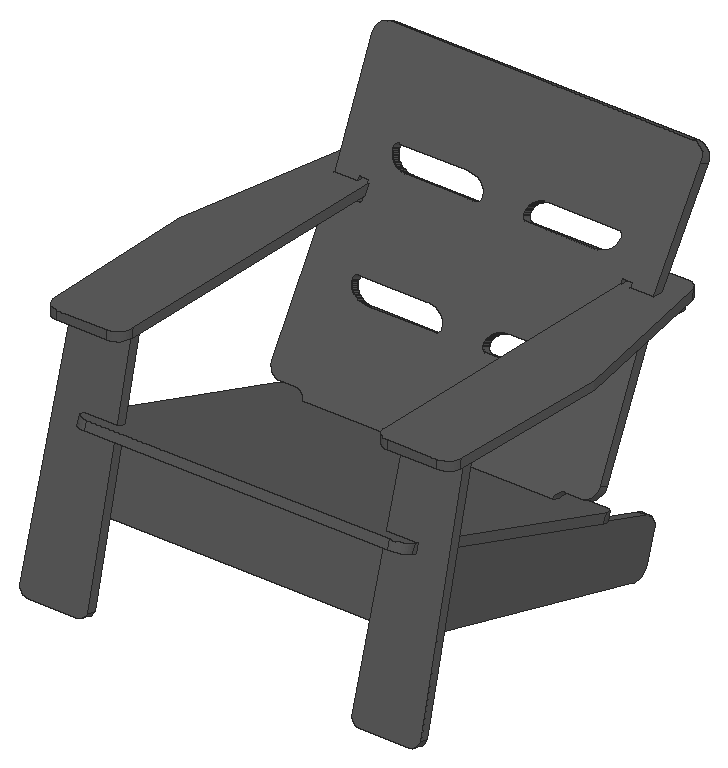
Revit family "Lollygagger Cabrio", category Furniture, Revit 2016
Family settings
  OmniClass Number = 23.40.20.00
  OmniClass Title = General Furniture and Specialties
  Work Plane-Based = No
  Always vertical = Yes
  Cut with Voids When Loaded = No
  Shared = No
  Room Calculation Point = No
Parameters (values of type "Loll-Black")
  Width = 2' - 5 25/32"  # constant formula
  URL = "https://lolldesigns.com/"
  Type Image = cabrio.jpg
  Thick = 0' - 0 5/8"  # constant formula
  Model = ""
  Manufacturer = "Loll"  # constant formula
  Length = 2' - 6 1/4"  # constant formula
  Height Top = 1' - 5 21/32"  # constant formula
  Finish Material = Loll-Black
  Apron = 0' - 10 31/32"  # constant formula
Reference planes (in)
  plane 1 "Center Front/Back": y = 0
  plane 2: z = 0
  plane 3 "Center Left/Right": x = 0
  plane 4: z = 17.65625
  plane 5: z = 17.03125
  plane 6: y = 14.89063
  plane 7: y = -14.89062
  plane 8: z = 6.0625
  plane 9: x = -15.125
  plane 10: x = 15.125
  plane 11: y = 11.86816
  plane 12: y = -11.86841
  plane 13: x = 11.75
  plane 14: x = 11.125
  plane 15: x = -11.75
  plane 16: x = -11.125
  plane 17: x = -9.51419
  plane 18: x = 9.51419
  plane 19: through (-60.54339, -175.85464, 64.74168) normal (0, 0.309, 0.9511)
  plane 20: through (-60.54339, -175.96465, 64.12026) normal (0, 0.309, 0.9511)
  plane 21: through (0, 16.84989, 30.41768) normal (0, -0.8829, 0.4695)
  plane 22: through (0, 17.46341, 30.24027) normal (0, -0.8829, 0.4695)
Forms (in)
  Extrusion 1, solid, material "Loll-Black" <- "Finish Material"
    sketch origin (12, -11.96569, 8.6494) x (0, 0.258819, 0.965926) y (1, 0, 0)
      loop
        line (8.88502, -2.18909) -> (8.88502, 2.18909)
        arc (8.88502, 2.18909) -> (0.24729, 2.13347) -> (-8.3839, 2.47431) r 188.17546
        arc (-8.3839, 2.47431) -> (-8.81442, 2.19999) -> (-8.982, 1.7178) r 0.77749
        line (-8.982, 1.7178) -> (-8.982, -1.70684)
        arc (-8.982, -1.70684) -> (-8.85761, -2.15852) -> (-8.5195, -2.48283) r 0.88224
        arc (-8.5195, -2.48283) -> (0.17936, -2.13461) -> (8.88502, -2.18909) r 188.17546
    from 0 to -0.625
  Extrusion 2, solid, material "Loll-Black" <- "Finish Material"
    sketch origin (11.88204, -0.19742, 17.65695) x (1, 0, 0) y (0, 1, 0)
      loop
        arc (-2.73794, 11.81266) -> (-2.31954, 0.38579) -> (-2.73794, -11.04107) r 156.25
        arc (-2.73794, -11.04107) -> (-2.47312, -11.79497) -> (-1.74062, -12.11421) r 1
        line (-1.74062, -12.11421) -> (1.85192, -12.11421)
        arc (1.85192, -12.11421) -> (2.51292, -11.86459) -> (2.84393, -11.24037) r 1
        arc (2.84393, -11.24037) -> (3.10461, 0.56754) -> (0.91136, 12.17291) r 56.65251
        arc (0.91136, 12.17291) -> (0.55049, 12.68801) -> (-0.04654, 12.88579) r 1
        line (-0.04654, 12.88579) -> (-1.74062, 12.88579)
        arc (-1.74062, 12.88579) -> (-2.47312, 12.56655) -> (-2.73794, 11.81266) r 1
      loop
        line (-0.34642, 10.13346) -> (-0.34642, 10.91413) -> (-2.03048, 10.91413) -> (-2.03048, 10.13346) -> (-0.34642, 10.13346)
    from -0.625 to 0
  Extrusion 3, solid, material "Loll-Black" <- "Finish Material"
    sketch origin (-11.88204, -0.19742, 17.65695) x (-1, 0, 0) y (0, -1, 0)
      loop
        arc (-2.73794, -11.81266) -> (-2.47312, -12.56655) -> (-1.74062, -12.88579) r 1
        line (-1.74062, -12.88579) -> (-0.04654, -12.88579)
        arc (-0.04654, -12.88579) -> (0.55049, -12.68801) -> (0.91136, -12.17291) r 1
        arc (0.91136, -12.17291) -> (3.10461, -0.56754) -> (2.84393, 11.24037) r 56.65251
        arc (2.84393, 11.24037) -> (2.51292, 11.86459) -> (1.85192, 12.11421) r 1
        line (1.85192, 12.11421) -> (-1.74062, 12.11421)
        arc (-1.74062, 12.11421) -> (-2.47312, 11.79497) -> (-2.73794, 11.04107) r 1
        arc (-2.73794, 11.04107) -> (-2.31954, -0.38579) -> (-2.73794, -11.81266) r 156.25
      loop
        line (-0.34642, -10.13346) -> (-2.03048, -10.13346) -> (-2.03048, -10.91413) -> (-0.34642, -10.91413) -> (-0.34642, -10.13346)
    from -0.625 to 0
  Extrusion 4, solid, material "Loll-Black" <- "Finish Material"
    sketch origin (-12, -11.96569, 8.6494) x (0, 0.258819, 0.965926) y (1, 0, 0)
      loop
        arc (8.88502, 2.18909) -> (0.17936, 2.13461) -> (-8.5195, 2.48283) r 188.17546
        arc (-8.5195, 2.48283) -> (-8.85761, 2.15852) -> (-8.982, 1.70684) r 0.88224
        line (-8.982, 1.70684) -> (-8.982, -1.7178)
        arc (-8.982, -1.7178) -> (-8.81442, -2.19999) -> (-8.3839, -2.47431) r 0.77749
        arc (-8.3839, -2.47431) -> (0.24729, -2.13347) -> (8.88502, -2.18909) r 188.17546
        line (8.88502, -2.18909) -> (8.88502, 2.18909)
    from 0 to -0.625
  Extrusion 5, solid, material "Loll-Black" <- "Finish Material"
    sketch origin (0, 9.17883, 14.65925) x (0, 0.469472, 0.882948) y (1, 0, 0)
      loop
        arc (12.1587, 10.90968) -> (11.83626, 11.64514) -> (11.0769, 11.90633) r 1
        arc (11.0769, 11.90633) -> (6.88408, 11.63525) -> (2.68439, 11.5096) r 121.25
        line (2.68439, 11.5096) -> (2.68439, 9.86719) -> (3.2985, 9.86719) -> (3.2985, 9.19031) -> (1.88703, 9.19031) -> (1.88703, 11.37674)
        arc (1.88703, 11.37674) -> (1.85019, 11.46535) -> (1.7614, 11.50174) r 0.125
        arc (1.7614, 11.50174) -> (-3.19274, 11.57813) -> (-8.13961, 11.85705) r 121.14008
        arc (-8.13961, 11.85705) -> (-8.89575, 11.59372) -> (-9.2163, 10.85999) r 1
        line (-9.2163, 10.85999) -> (-9.2163, 9.75)
        arc (-9.2163, 9.75) -> (-9.43597, 9.21967) -> (-9.9663, 9) r 0.75
        line (-9.9663, 9) -> (-12.9663, 9)
        arc (-12.9663, 9) -> (-13.14308, 8.92678) -> (-13.2163, 8.75) r 0.25
        line (-13.2163, 8.75) -> (-13.2163, -8.75)
        arc (-13.2163, -8.75) -> (-13.14308, -8.92678) -> (-12.9663, -9) r 0.25
        line (-12.9663, -9) -> (-9.9663, -9)
        arc (-9.9663, -9) -> (-9.43597, -9.21967) -> (-9.2163, -9.75) r 0.75
        line (-9.2163, -9.75) -> (-9.2163, -10.85999)
        arc (-9.2163, -10.85999) -> (-8.89575, -11.59372) -> (-8.13961, -11.85705) r 1
        arc (-8.13961, -11.85705) -> (-3.19274, -11.57813) -> (1.7614, -11.50174) r 121.14008
        arc (1.7614, -11.50174) -> (1.85019, -11.46535) -> (1.88703, -11.37674) r 0.125
        line (1.88703, -11.37674) -> (1.88703, -9.19031) -> (3.2985, -9.19031) -> (3.2985, -9.86719) -> (2.68439, -9.86719) -> (2.68439, -11.5096)
        arc (2.68439, -11.5096) -> (6.88408, -11.63525) -> (11.0769, -11.90633) r 121.25
        arc (11.0769, -11.90633) -> (11.83626, -11.64514) -> (12.1587, -10.90968) r 1
        line (12.1587, -10.90968) -> (12.1587, 10.90968)
      loop
        line (5.84619, -7.92498) -> (5.84619, -2.99992)
        arc (5.84619, -2.99992) -> (5.84538, -2.94303) -> (5.84296, -2.88618) r 1.99874
        arc (5.84296, -2.88618) -> (5.8389, -2.82944) -> (5.83323, -2.77284) r 1.98049
        arc (5.83323, -2.77284) -> (5.82592, -2.7165) -> (5.81698, -2.66039) r 1.95233
        arc (5.81698, -2.66039) -> (5.80642, -2.60466) -> (5.79421, -2.54927) r 1.91009
        arc (5.79421, -2.54927) -> (5.78037, -2.4944) -> (5.76486, -2.43998) r 1.85302
        arc (5.76486, -2.43998) -> (5.74773, -2.38627) -> (5.72892, -2.33313) r 1.78337
        arc (5.72892, -2.33313) -> (5.7085, -2.28088) -> (5.68637, -2.22933) r 1.70387
        arc (5.68637, -2.22933) -> (5.66265, -2.17883) -> (5.63721, -2.12918) r 1.61884
        arc (5.63721, -2.12918) -> (5.61018, -2.08074) -> (5.58141, -2.03331) r 1.52217
        arc (5.58141, -2.03331) -> (5.55108, -1.9873) -> (5.51901, -1.9425) r 1.43381
        arc (5.51901, -1.9425) -> (5.48549, -1.89937) -> (5.45024, -1.85764) r 1.34184
        arc (5.45024, -1.85764) -> (5.41364, -1.81783) -> (5.37534, -1.77965) r 1.24465
        arc (5.37534, -1.77965) -> (5.33576, -1.74358) -> (5.29453, -1.7094) r 1.14763
        arc (5.29453, -1.7094) -> (5.25213, -1.67757) -> (5.2082, -1.6479) r 1.06616
        arc (5.2082, -1.6479) -> (5.1633, -1.62078) -> (5.11705, -1.59603) r 1.00861
        arc (5.11705, -1.59603) -> (5.07004, -1.57402) -> (5.0219, -1.55461) r 0.94636
        arc (5.0219, -1.55461) -> (4.97315, -1.5381) -> (4.92353, -1.52444) r 0.88704
        arc (4.92353, -1.52444) -> (4.8735, -1.5138) -> (4.82292, -1.50614) r 0.86331
        arc (4.82292, -1.50614) -> (4.77215, -1.50153) -> (4.72119, -1.49998) r 0.84623
        line (4.72119, -1.49998) -> (4.67119, -1.49998)
        arc (4.67119, -1.49998) -> (4.44138, -1.59517) -> (4.34619, -1.82498) r 0.325
        line (4.34619, -1.82498) -> (4.34619, -6.75005)
        arc (4.34619, -6.75005) -> (4.347, -6.80694) -> (4.34943, -6.86379) r 1.99874
        arc (4.34943, -6.86379) -> (4.35348, -6.92053) -> (4.35916, -6.97713) r 1.98049
        arc (4.35916, -6.97713) -> (4.36647, -7.03347) -> (4.3754, -7.08958) r 1.95233
        arc (4.3754, -7.08958) -> (4.38597, -7.14531) -> (4.39818, -7.2007) r 1.91009
        arc (4.39818, -7.2007) -> (4.41202, -7.25557) -> (4.42753, -7.30999) r 1.85302
        arc (4.42753, -7.30999) -> (4.44466, -7.36369) -> (4.46347, -7.41683) r 1.78337
        arc (4.46347, -7.41683) -> (4.48389, -7.46908) -> (4.50602, -7.52064) r 1.70387
        arc (4.50602, -7.52064) -> (4.52973, -7.57113) -> (4.55518, -7.62079) r 1.61884
        arc (4.55518, -7.62079) -> (4.58221, -7.66923) -> (4.61098, -7.71666) r 1.52217
        arc (4.61098, -7.71666) -> (4.64131, -7.76267) -> (4.67338, -7.80747) r 1.43381
        arc (4.67338, -7.80747) -> (4.7069, -7.8506) -> (4.74215, -7.89232) r 1.34184
        arc (4.74215, -7.89232) -> (4.77875, -7.93214) -> (4.81705, -7.97032) r 1.24465
        arc (4.81705, -7.97032) -> (4.85663, -8.00639) -> (4.89785, -8.04057) r 1.14763
        arc (4.89785, -8.04057) -> (4.94026, -8.07239) -> (4.98419, -8.10207) r 1.06616
        arc (4.98419, -8.10207) -> (5.02909, -8.12919) -> (5.07534, -8.15394) r 1.00861
        arc (5.07534, -8.15394) -> (5.12235, -8.17595) -> (5.17049, -8.19535) r 0.94636
        arc (5.17049, -8.19535) -> (5.21924, -8.21187) -> (5.26886, -8.22552) r 0.88704
        arc (5.26886, -8.22552) -> (5.31889, -8.23617) -> (5.36947, -8.24383) r 0.86331
        arc (5.36947, -8.24383) -> (5.42024, -8.24844) -> (5.47119, -8.24998) r 0.84623
        line (5.47119, -8.24998) -> (5.52119, -8.24998)
        arc (5.52119, -8.24998) -> (5.751, -8.15479) -> (5.84619, -7.92498) r 0.325
      loop
        line (5.84619, 2.99994) -> (5.84619, 7.925)
        arc (5.84619, 7.925) -> (5.751, 8.15481) -> (5.52119, 8.25) r 0.325
        line (5.52119, 8.25) -> (5.47119, 8.25)
        arc (5.47119, 8.25) -> (5.42024, 8.24845) -> (5.36947, 8.24384) r 0.84623
        arc (5.36947, 8.24384) -> (5.31889, 8.23618) -> (5.26886, 8.22554) r 0.86331
        arc (5.26886, 8.22554) -> (5.21924, 8.21188) -> (5.17049, 8.19537) r 0.88704
        arc (5.17049, 8.19537) -> (5.12235, 8.17597) -> (5.07534, 8.15395) r 0.94636
        arc (5.07534, 8.15395) -> (5.02909, 8.1292) -> (4.98419, 8.10209) r 1.00861
        arc (4.98419, 8.10209) -> (4.94026, 8.07241) -> (4.89785, 8.04058) r 1.06616
        arc (4.89785, 8.04058) -> (4.85663, 8.0064) -> (4.81705, 7.97034) r 1.14763
        arc (4.81705, 7.97034) -> (4.77875, 7.93215) -> (4.74215, 7.89234) r 1.24465
        arc (4.74215, 7.89234) -> (4.7069, 7.85061) -> (4.67338, 7.80749) r 1.34184
        arc (4.67338, 7.80749) -> (4.64131, 7.76268) -> (4.61098, 7.71668) r 1.43381
        arc (4.61098, 7.71668) -> (4.58221, 7.66925) -> (4.55518, 7.6208) r 1.52217
        arc (4.55518, 7.6208) -> (4.52973, 7.57115) -> (4.50602, 7.52065) r 1.61884
        arc (4.50602, 7.52065) -> (4.48389, 7.4691) -> (4.46347, 7.41685) r 1.70387
        arc (4.46347, 7.41685) -> (4.44466, 7.36371) -> (4.42753, 7.31) r 1.78337
        arc (4.42753, 7.31) -> (4.41202, 7.25558) -> (4.39818, 7.20072) r 1.85302
        arc (4.39818, 7.20072) -> (4.38597, 7.14532) -> (4.3754, 7.08959) r 1.91009
        arc (4.3754, 7.08959) -> (4.36647, 7.03349) -> (4.35916, 6.97714) r 1.95233
        arc (4.35916, 6.97714) -> (4.35348, 6.92054) -> (4.34943, 6.8638) r 1.98049
        arc (4.34943, 6.8638) -> (4.347, 6.80696) -> (4.34619, 6.75006) r 1.99874
        line (4.34619, 6.75006) -> (4.34619, 1.825)
        arc (4.34619, 1.825) -> (4.44138, 1.59519) -> (4.67119, 1.5) r 0.325
        line (4.67119, 1.5) -> (4.72119, 1.5)
        arc (4.72119, 1.5) -> (4.77215, 1.50155) -> (4.82292, 1.50616) r 0.84623
        arc (4.82292, 1.50616) -> (4.8735, 1.51382) -> (4.92353, 1.52446) r 0.86331
        arc (4.92353, 1.52446) -> (4.97315, 1.53812) -> (5.0219, 1.55463) r 0.88704
        arc (5.0219, 1.55463) -> (5.07004, 1.57403) -> (5.11705, 1.59605) r 0.94636
        arc (5.11705, 1.59605) -> (5.1633, 1.6208) -> (5.2082, 1.64791) r 1.00861
        arc (5.2082, 1.64791) -> (5.25213, 1.67759) -> (5.29453, 1.70942) r 1.06616
        arc (5.29453, 1.70942) -> (5.33576, 1.7436) -> (5.37534, 1.77966) r 1.14763
        arc (5.37534, 1.77966) -> (5.41364, 1.81785) -> (5.45024, 1.85766) r 1.24465
        arc (5.45024, 1.85766) -> (5.48549, 1.89939) -> (5.51901, 1.94251) r 1.34184
        arc (5.51901, 1.94251) -> (5.55108, 1.98732) -> (5.58141, 2.03332) r 1.43381
        arc (5.58141, 2.03332) -> (5.61018, 2.08075) -> (5.63721, 2.1292) r 1.52217
        arc (5.63721, 2.1292) -> (5.66265, 2.17885) -> (5.68637, 2.22935) r 1.61884
        arc (5.68637, 2.22935) -> (5.7085, 2.2809) -> (5.72892, 2.33315) r 1.70387
        arc (5.72892, 2.33315) -> (5.74773, 2.38629) -> (5.76486, 2.44) r 1.78337
        arc (5.76486, 2.44) -> (5.78037, 2.49442) -> (5.79421, 2.54929) r 1.85302
        arc (5.79421, 2.54929) -> (5.80642, 2.60468) -> (5.81698, 2.66041) r 1.91009
        arc (5.81698, 2.66041) -> (5.82592, 2.71651) -> (5.83323, 2.77286) r 1.95233
        arc (5.83323, 2.77286) -> (5.8389, 2.82946) -> (5.84296, 2.8862) r 1.98049
        arc (5.84296, 2.8862) -> (5.84538, 2.94305) -> (5.84619, 2.99994) r 1.99874
      loop
        line (-3.46631, -1.82498) -> (-3.46631, -6.75005)
        arc (-3.46631, -6.75005) -> (-3.4655, -6.80694) -> (-3.46307, -6.86379) r 1.99874
        arc (-3.46307, -6.86379) -> (-3.45902, -6.92053) -> (-3.45334, -6.97713) r 1.98049
        arc (-3.45334, -6.97713) -> (-3.44603, -7.03347) -> (-3.4371, -7.08958) r 1.95233
        arc (-3.4371, -7.08958) -> (-3.42653, -7.14531) -> (-3.41432, -7.2007) r 1.91009
        arc (-3.41432, -7.2007) -> (-3.40048, -7.25557) -> (-3.38497, -7.30999) r 1.85302
        arc (-3.38497, -7.30999) -> (-3.36784, -7.36369) -> (-3.34903, -7.41683) r 1.78337
        arc (-3.34903, -7.41683) -> (-3.32861, -7.46908) -> (-3.30648, -7.52064) r 1.70387
        arc (-3.30648, -7.52064) -> (-3.28277, -7.57113) -> (-3.25732, -7.62079) r 1.61884
        arc (-3.25732, -7.62079) -> (-3.23029, -7.66923) -> (-3.20152, -7.71666) r 1.52217
        arc (-3.20152, -7.71666) -> (-3.17119, -7.76267) -> (-3.13912, -7.80747) r 1.43381
        arc (-3.13912, -7.80747) -> (-3.1056, -7.8506) -> (-3.07035, -7.89232) r 1.34184
        arc (-3.07035, -7.89232) -> (-3.03375, -7.93214) -> (-2.99545, -7.97032) r 1.24465
        arc (-2.99545, -7.97032) -> (-2.95587, -8.00639) -> (-2.91465, -8.04057) r 1.14763
        arc (-2.91465, -8.04057) -> (-2.87224, -8.07239) -> (-2.82831, -8.10207) r 1.06616
        arc (-2.82831, -8.10207) -> (-2.78341, -8.12919) -> (-2.73716, -8.15394) r 1.00861
        arc (-2.73716, -8.15394) -> (-2.69015, -8.17595) -> (-2.64201, -8.19535) r 0.94636
        arc (-2.64201, -8.19535) -> (-2.59326, -8.21187) -> (-2.54364, -8.22552) r 0.88704
        arc (-2.54364, -8.22552) -> (-2.49361, -8.23617) -> (-2.44303, -8.24383) r 0.86331
        arc (-2.44303, -8.24383) -> (-2.39226, -8.24844) -> (-2.34131, -8.24998) r 0.84623
        line (-2.34131, -8.24998) -> (-2.29131, -8.24998)
        arc (-2.29131, -8.24998) -> (-2.0615, -8.15479) -> (-1.96631, -7.92498) r 0.325
        line (-1.96631, -7.92498) -> (-1.96631, -2.99992)
        arc (-1.96631, -2.99992) -> (-1.96712, -2.94303) -> (-1.96954, -2.88618) r 1.99874
        arc (-1.96954, -2.88618) -> (-1.9736, -2.82944) -> (-1.97927, -2.77284) r 1.98049
        arc (-1.97927, -2.77284) -> (-1.98658, -2.7165) -> (-1.99552, -2.66039) r 1.95233
        arc (-1.99552, -2.66039) -> (-2.00608, -2.60466) -> (-2.01829, -2.54927) r 1.91009
        arc (-2.01829, -2.54927) -> (-2.03213, -2.4944) -> (-2.04764, -2.43998) r 1.85302
        arc (-2.04764, -2.43998) -> (-2.06477, -2.38627) -> (-2.08358, -2.33313) r 1.78337
        arc (-2.08358, -2.33313) -> (-2.104, -2.28088) -> (-2.12613, -2.22933) r 1.70387
        arc (-2.12613, -2.22933) -> (-2.14985, -2.17883) -> (-2.17529, -2.12918) r 1.61884
        arc (-2.17529, -2.12918) -> (-2.20232, -2.08074) -> (-2.23109, -2.03331) r 1.52217
        arc (-2.23109, -2.03331) -> (-2.26142, -1.9873) -> (-2.29349, -1.9425) r 1.43381
        arc (-2.29349, -1.9425) -> (-2.32701, -1.89937) -> (-2.36226, -1.85764) r 1.34184
        arc (-2.36226, -1.85764) -> (-2.39886, -1.81783) -> (-2.43716, -1.77965) r 1.24465
        arc (-2.43716, -1.77965) -> (-2.47674, -1.74358) -> (-2.51797, -1.7094) r 1.14763
        arc (-2.51797, -1.7094) -> (-2.56037, -1.67757) -> (-2.6043, -1.6479) r 1.06616
        arc (-2.6043, -1.6479) -> (-2.6492, -1.62078) -> (-2.69545, -1.59603) r 1.00861
        arc (-2.69545, -1.59603) -> (-2.74246, -1.57402) -> (-2.7906, -1.55461) r 0.94636
        arc (-2.7906, -1.55461) -> (-2.83935, -1.5381) -> (-2.88897, -1.52444) r 0.88704
        arc (-2.88897, -1.52444) -> (-2.939, -1.5138) -> (-2.98958, -1.50614) r 0.86331
        arc (-2.98958, -1.50614) -> (-3.04035, -1.50153) -> (-3.09131, -1.49998) r 0.84623
        line (-3.09131, -1.49998) -> (-3.14131, -1.49998)
        arc (-3.14131, -1.49998) -> (-3.37112, -1.59517) -> (-3.46631, -1.82498) r 0.325
      loop
        line (-1.96631, 2.99994) -> (-1.96631, 7.925)
        arc (-1.96631, 7.925) -> (-2.0615, 8.15481) -> (-2.29131, 8.25) r 0.325
        line (-2.29131, 8.25) -> (-2.34131, 8.25)
        arc (-2.34131, 8.25) -> (-2.39226, 8.24845) -> (-2.44303, 8.24384) r 0.84623
        arc (-2.44303, 8.24384) -> (-2.49361, 8.23618) -> (-2.54364, 8.22554) r 0.86331
        arc (-2.54364, 8.22554) -> (-2.59326, 8.21188) -> (-2.64201, 8.19537) r 0.88704
        arc (-2.64201, 8.19537) -> (-2.69015, 8.17597) -> (-2.73716, 8.15395) r 0.94636
        arc (-2.73716, 8.15395) -> (-2.78341, 8.1292) -> (-2.82831, 8.10209) r 1.00861
        arc (-2.82831, 8.10209) -> (-2.87224, 8.07241) -> (-2.91465, 8.04058) r 1.06616
        arc (-2.91465, 8.04058) -> (-2.95587, 8.0064) -> (-2.99545, 7.97034) r 1.14763
        arc (-2.99545, 7.97034) -> (-3.03375, 7.93215) -> (-3.07035, 7.89234) r 1.24465
        arc (-3.07035, 7.89234) -> (-3.1056, 7.85061) -> (-3.13912, 7.80749) r 1.34184
        arc (-3.13912, 7.80749) -> (-3.17119, 7.76268) -> (-3.20152, 7.71668) r 1.43381
        arc (-3.20152, 7.71668) -> (-3.23029, 7.66925) -> (-3.25732, 7.6208) r 1.52217
        arc (-3.25732, 7.6208) -> (-3.28277, 7.57115) -> (-3.30648, 7.52065) r 1.61884
        arc (-3.30648, 7.52065) -> (-3.32861, 7.4691) -> (-3.34903, 7.41685) r 1.70387
        arc (-3.34903, 7.41685) -> (-3.36784, 7.36371) -> (-3.38497, 7.31) r 1.78337
        arc (-3.38497, 7.31) -> (-3.40048, 7.25558) -> (-3.41432, 7.20072) r 1.85302
        arc (-3.41432, 7.20072) -> (-3.42653, 7.14532) -> (-3.4371, 7.08959) r 1.91009
        arc (-3.4371, 7.08959) -> (-3.44603, 7.03349) -> (-3.45334, 6.97714) r 1.95233
        arc (-3.45334, 6.97714) -> (-3.45902, 6.92054) -> (-3.46307, 6.8638) r 1.98049
        arc (-3.46307, 6.8638) -> (-3.4655, 6.80696) -> (-3.46631, 6.75006) r 1.99874
        line (-3.46631, 6.75006) -> (-3.46631, 1.825)
        arc (-3.46631, 1.825) -> (-3.37112, 1.59519) -> (-3.14131, 1.5) r 0.325
        line (-3.14131, 1.5) -> (-3.09131, 1.5)
        arc (-3.09131, 1.5) -> (-3.04035, 1.50155) -> (-2.98958, 1.50616) r 0.84623
        arc (-2.98958, 1.50616) -> (-2.939, 1.51382) -> (-2.88897, 1.52446) r 0.86331
        arc (-2.88897, 1.52446) -> (-2.83935, 1.53812) -> (-2.7906, 1.55463) r 0.88704
        arc (-2.7906, 1.55463) -> (-2.74246, 1.57403) -> (-2.69545, 1.59605) r 0.94636
        arc (-2.69545, 1.59605) -> (-2.6492, 1.6208) -> (-2.6043, 1.64791) r 1.00861
        arc (-2.6043, 1.64791) -> (-2.56037, 1.67759) -> (-2.51797, 1.70942) r 1.06616
        arc (-2.51797, 1.70942) -> (-2.47674, 1.7436) -> (-2.43716, 1.77966) r 1.14763
        arc (-2.43716, 1.77966) -> (-2.39886, 1.81785) -> (-2.36226, 1.85766) r 1.24465
        arc (-2.36226, 1.85766) -> (-2.32701, 1.89939) -> (-2.29349, 1.94251) r 1.34184
        arc (-2.29349, 1.94251) -> (-2.26142, 1.98732) -> (-2.23109, 2.03332) r 1.43381
        arc (-2.23109, 2.03332) -> (-2.20232, 2.08075) -> (-2.17529, 2.1292) r 1.52217
        arc (-2.17529, 2.1292) -> (-2.14985, 2.17885) -> (-2.12613, 2.22935) r 1.61884
        arc (-2.12613, 2.22935) -> (-2.104, 2.2809) -> (-2.08358, 2.33315) r 1.70387
        arc (-2.08358, 2.33315) -> (-2.06477, 2.38629) -> (-2.04764, 2.44) r 1.78337
        arc (-2.04764, 2.44) -> (-2.03213, 2.49442) -> (-2.01829, 2.54929) r 1.85302
        arc (-2.01829, 2.54929) -> (-2.00608, 2.60468) -> (-1.99552, 2.66041) r 1.91009
        arc (-1.99552, 2.66041) -> (-1.98658, 2.71651) -> (-1.97927, 2.77286) r 1.95233
        arc (-1.97927, 2.77286) -> (-1.9736, 2.82946) -> (-1.96954, 2.8862) r 1.98049
        arc (-1.96954, 2.8862) -> (-1.96712, 2.94305) -> (-1.96631, 2.99994) r 1.99874
      loop
        circle (-12.3413, -5) r 0.155
      loop
        circle (-12.3413, 5) r 0.155
    from -0.625 to 0
  Extrusion 6, solid, material "Loll-Black" <- "Finish Material"
    sketch origin (0, -4.34096, 8.35634) x (-1, 0, 0) y (0, 0.951057, -0.309017)
      loop
        arc (-10.94306, -9.39694) -> (0, -9.08514) -> (10.94306, -9.39694) r 192.1875
        arc (10.94306, -9.39694) -> (11.68668, -9.12552) -> (12, -8.39856) r 1
        line (12, -8.39856) -> (12, -8.11644) -> (10.12117, -8.11644)
        arc (10.12117, -8.11644) -> (9.93732, -8.04029) -> (9.86117, -7.85644) r 0.26
        line (9.86117, -7.85644) -> (9.86117, -7.70415)
        arc (9.86117, -7.70415) -> (9.93732, -7.5203) -> (10.12117, -7.44415) r 0.26
        line (10.12117, -7.44415) -> (10.96, -7.44415)
        arc (10.96, -7.44415) -> (11.04839, -7.40754) -> (11.085, -7.31915) r 0.125
        line (11.085, -7.31915) -> (11.085, -6.17915)
        arc (11.085, -6.17915) -> (11.16115, -5.9953) -> (11.345, -5.91915) r 0.26
        line (11.345, -5.91915) -> (11.875, -5.91915)
        arc (11.875, -5.91915) -> (11.96339, -5.88254) -> (12, -5.79415) r 0.125
        line (12, -5.79415) -> (12, 9.72828)
        arc (12, 9.72828) -> (11.68668, 10.45524) -> (10.94306, 10.72666) r 1
        arc (10.94306, 10.72666) -> (0, 10.41486) -> (-10.94306, 10.72666) r 192.1875
        arc (-10.94306, 10.72666) -> (-11.68668, 10.45524) -> (-12, 9.72828) r 1
        line (-12, 9.72828) -> (-12, -5.79415)
        arc (-12, -5.79415) -> (-11.96339, -5.88254) -> (-11.875, -5.91915) r 0.125
        line (-11.875, -5.91915) -> (-11.345, -5.91915)
        arc (-11.345, -5.91915) -> (-11.16115, -5.9953) -> (-11.085, -6.17915) r 0.26
        line (-11.085, -6.17915) -> (-11.085, -7.31915)
        arc (-11.085, -7.31915) -> (-11.04839, -7.40754) -> (-10.96, -7.44415) r 0.125
        line (-10.96, -7.44415) -> (-10.12117, -7.44415)
        arc (-10.12117, -7.44415) -> (-9.93732, -7.5203) -> (-9.86117, -7.70415) r 0.26
        line (-9.86117, -7.70415) -> (-9.86117, -7.85644)
        arc (-9.86117, -7.85644) -> (-9.93732, -8.04029) -> (-10.12117, -8.11644) r 0.26
        line (-10.12117, -8.11644) -> (-12, -8.11644) -> (-12, -8.39856)
        arc (-12, -8.39856) -> (-11.68668, -9.12552) -> (-10.94306, -9.39694) r 1
    from -0.625 to 0
  Extrusion 7, solid, material "Loll-Black" <- "Finish Material"
    sketch origin (-11.88204, -0.19742, 17.03195) x (0, -1, 0) y (-1, 0, 0)
      loop
        arc (-12.26109, -1.7458) -> (-12.04162, -2.2494) -> (-11.52332, -2.43146) r 0.6875
        arc (-11.52332, -2.43146) -> (-11.05389, -2.39775) -> (-10.58437, -2.36545) r 156.5625
        arc (-10.58437, -2.36545) -> (-9.21306, -0.89876) -> (-10.58437, 0.56792) r 1.47
        arc (-10.58437, 0.56792) -> (-11.05389, 0.60022) -> (-11.52332, 0.63393) r 156.5625
        arc (-11.52332, 0.63393) -> (-12.04162, 0.45187) -> (-12.26109, -0.05173) r 0.6875
        line (-12.26109, -0.05173) -> (-12.26109, -1.7458)
      loop
        circle (-11.32351, -0.89876) r 0.155
    from 0 to 0.625
  Extrusion 8, solid, material "Loll-Black" <- "Finish Material"
    sketch origin (10.08452, -0.19742, 17.03195) x (0, -1, 0) y (-1, 0, 0)
      loop
        arc (-12.26109, -1.7458) -> (-12.04162, -2.2494) -> (-11.52332, -2.43146) r 0.6875
        arc (-11.52332, -2.43146) -> (-11.05389, -2.39775) -> (-10.58437, -2.36545) r 156.5625
        arc (-10.58437, -2.36545) -> (-9.21306, -0.89876) -> (-10.58437, 0.56792) r 1.47
        arc (-10.58437, 0.56792) -> (-11.05389, 0.60022) -> (-11.52332, 0.63393) r 156.5625
        arc (-11.52332, 0.63393) -> (-12.04162, 0.45187) -> (-12.26109, -0.05173) r 0.6875
        line (-12.26109, -0.05173) -> (-12.26109, -1.7458)
      loop
        circle (-11.32351, -0.89876) r 0.155
    from 0 to 0.625
  Extrusion 9, solid, material "Loll-Black" <- "Finish Material"
    sketch origin (-12, -8.83377, 17.03195) x (0, 1, 0) y (-1, 0, 0)
      loop
        line (-1.0755, -1.375) -> (0.62418, -1.375)
        arc (0.62418, -1.375) -> (1.33129, -1.08211) -> (1.62418, -0.375) r 1
        line (1.62418, -0.375) -> (1.62418, 0.375)
        arc (1.62418, 0.375) -> (1.33129, 1.08211) -> (0.62418, 1.375) r 1
        line (0.62418, 1.375) -> (-1.0755, 1.375) -> (-1.0755, -1.375)
      loop
        circle (0.37418, 0.375) r 0.155
    from -0.625 to 0
  Extrusion 10, solid, material "Loll-Black" <- "Finish Material"
    sketch origin (-11.125, -3.40347, 6.94763) x (0, 0, 1) y (0, -1, 0)
      loop
        arc (-1.64988, 9.09007) -> (-3.79636, -1.18946) -> (-6.83074, -11.24274) r 120.35292
        arc (-6.83074, -11.24274) -> (-6.78105, -12.02098) -> (-6.18762, -12.52691) r 1
        line (-6.18762, -12.52691) -> (-4.21093, -13.15015)
        arc (-4.21093, -13.15015) -> (-3.45235, -13.08545) -> (-2.95917, -12.50545) r 1
        line (-2.95917, -12.50545) -> (3.17078, 6.3606)
        arc (3.17078, 6.3606) -> (3.294, 6.50875) -> (3.48535, 6.5314) r 0.26
        line (3.48535, 6.5314) -> (9.45932, 4.93068) -> (9.45932, 6.48359) -> (-1.55732, 9.43549) -> (-1.64988, 9.09007)
    from -0.625 to 0
  Extrusion 11, solid, material "Loll-Black" <- "Finish Material"
    sketch origin (13.6875, -3.40347, 6.94763) x (0, 0, 1) y (0, -1, 0)
      loop
        arc (-1.64988, 9.09007) -> (-3.79636, -1.18946) -> (-6.83074, -11.24274) r 120.35292
        arc (-6.83074, -11.24274) -> (-6.78105, -12.02098) -> (-6.18762, -12.52691) r 1
        line (-6.18762, -12.52691) -> (-4.21093, -13.15015)
        arc (-4.21093, -13.15015) -> (-3.45235, -13.08545) -> (-2.95917, -12.50545) r 1
        line (-2.95917, -12.50545) -> (3.17078, 6.3606)
        arc (3.17078, 6.3606) -> (3.294, 6.50875) -> (3.48535, 6.5314) r 0.26
        line (3.48535, 6.5314) -> (9.45932, 4.93068) -> (9.45932, 6.48359) -> (-1.55732, 9.43549) -> (-1.64988, 9.09007)
    from -2.5625 to -1.9375
  Extrusion 12, solid, material "Loll-Black" <- "Finish Material"
    sketch origin (12, -8.83377, 17.03195) x (0, 1, 0) y (-1, 0, 0)
      loop
        line (-1.0755, -1.375) -> (0.62418, -1.375)
        arc (0.62418, -1.375) -> (1.33129, -1.08211) -> (1.62418, -0.375) r 1
        line (1.62418, -0.375) -> (1.62418, 0.375)
        arc (1.62418, 0.375) -> (1.33129, 1.08211) -> (0.62418, 1.375) r 1
        line (0.62418, 1.375) -> (-1.0755, 1.375) -> (-1.0755, -1.375)
      loop
        circle (0.37418, -0.375) r 0.155
    from -0.625 to 0
  Extrusion 13, solid, material "Loll-Black" <- "Finish Material"
    sketch origin (0, 3.38494, 3.76252) x (0, 0.469472, 0.882948) y (-1, 0, 0)
      loop
        line (-1.75, 11.125) -> (-1.75, -11.125) -> (1.75, -11.125) -> (1.75, 11.125) -> (-1.75, 11.125)
    from -0.625 to 0
  Extrusion 14, solid, material "Loll-Black" <- "Finish Material"
    sketch origin (-10.5, 2.94836, 3.99466) x (0, 0.882948, -0.469472) y (0, 0.469472, 0.882948)
      loop
        arc (-0.06804, 1) -> (-1.06804, 0) -> (-0.06804, -1) r 1
        line (-0.06804, -1) -> (0.49446, -1) -> (0.49446, 1) -> (-0.06804, 1)
      loop
        circle (-0.44304, 0) r 0.155
    from -0.625 to 0
  Extrusion 15, solid, material "Loll-Black" <- "Finish Material"
    sketch origin (11.125, 2.94836, 3.99466) x (0, 0.882948, -0.469472) y (0, 0.469472, 0.882948)
      loop
        arc (-0.06804, 1) -> (-1.06804, 0) -> (-0.06804, -1) r 1
        line (-0.06804, -1) -> (0.49446, -1) -> (0.49446, 1) -> (-0.06804, 1)
      loop
        circle (-0.44304, 0) r 0.155
    from -0.625 to 0
  Extrusion 16, solid, material "Loll-Black" <- "Finish Material"
    sketch origin (0, -10.53101, 9.71045) x (1, 0, 0) y (0, -0.951057, 0.309017)
      loop
        arc (-1, -0.06804) -> (0, -1.06804) -> (1, -0.06804) r 1
        line (1, -0.06804) -> (1, 0.56091) -> (-1, 0.56091) -> (-1, -0.06804)
      loop
        circle (0, -0.44304) r 0.155
    from -0.625 to 0
  Extrusion 17, solid, material "Loll-Black" <- "Finish Material"
    sketch origin (0, -11.46073, 8.11912) x (-1, 0, 0) y (0, 0.258819, 0.965926)
      loop
        line (-11.125, -2.52581) -> (11.125, -2.52581) -> (11.125, 1.22419) -> (10.5625, 1.22419)
        arc (10.5625, 1.22419) -> (10.38572, 1.29741) -> (10.3125, 1.47419) r 0.25
        line (10.3125, 1.47419) -> (10.3125, 2.31183)
        arc (10.3125, 2.31183) -> (10.27589, 2.40022) -> (10.1875, 2.43683) r 0.125
        line (10.1875, 2.43683) -> (7.4475, 2.43683)
        arc (7.4475, 2.43683) -> (7.26365, 2.51298) -> (7.1875, 2.69683) r 0.26
        line (7.1875, 2.69683) -> (7.1875, 2.74933) -> (-7.1875, 2.74933) -> (-7.1875, 2.69683)
        arc (-7.1875, 2.69683) -> (-7.26365, 2.51298) -> (-7.4475, 2.43683) r 0.26
        line (-7.4475, 2.43683) -> (-10.1875, 2.43683)
        arc (-10.1875, 2.43683) -> (-10.27589, 2.40022) -> (-10.3125, 2.31183) r 0.125
        line (-10.3125, 2.31183) -> (-10.3125, 1.47419)
        arc (-10.3125, 1.47419) -> (-10.38572, 1.29741) -> (-10.5625, 1.22419) r 0.25
        line (-10.5625, 1.22419) -> (-11.125, 1.22419) -> (-11.125, -2.52581)
      loop
        circle (-10.625, 0.59919) r 0.155
      loop
        circle (-10.625, -1.77581) r 0.155
      loop
        circle (10.625, 0.59919) r 0.155
      loop
        circle (10.625, -1.77581) r 0.155
    from -0.625 to 0
Lines and regions (in)
  Masking region 1
    outline origin (0, 0, 0) x (1, 0, 0) y (0, 0, 1)
      loop
        line (-9.19031, 17.65625) -> (-15.125, 17.65625) -> (-15.125, 17.03125) -> (-9.19031, 17.03125) -> (-9.19031, 17.65625)
      loop
        line (15.125, 17.03125) -> (15.125, 17.65625) -> (8.01419, 17.65625) -> (8.01419, 17.03125) -> (15.125, 17.03125)
  Masking region 2
    outline origin (0, 0, 0) x (0, 1, 0) y (0, 0, 1)
      loop
        line (12.68838, 17.65625) -> (-12.31162, 17.65625) -> (-12.31162, 17.03125) -> (12.68838, 17.03125) -> (12.68838, 17.65625)
      loop
        line (-9.88706, 16.40695) -> (-12.83896, 5.39031) -> (-12.50557, 5.30098) -> (-5.63387, 3.96893) -> (-2.17732, 3.09199) -> (1.16673, 2.23888) -> (7.87734, 0.10442)
        arc (7.87734, 0.10442) -> (8.63533, 0.17573) -> (9.12343, 0.76002) r 1
        line (9.12343, 0.76002) -> (9.74668, 2.7367)
        arc (9.74668, 2.7367) -> (9.68198, 3.49528) -> (9.10198, 3.98847) r 1
        line (9.10198, 3.98847) -> (-9.99873, 10.19466) -> (-8.33415, 16.40695) -> (-9.88706, 16.40695)
  Masking region 3
    outline origin (0, 0, 0) x (0, 1, 0) y (0, 0, 1)
      loop
        line (14.33515, 25.68816) -> (10.06451, 17.65625) -> (10.77237, 17.65625) -> (14.887, 25.39474) -> (14.33515, 25.68816)
      loop
        line (-10.36683, 17.03125) -> (-14.887, 0.16176) -> (-14.28329, 0) -> (-9.71978, 17.03125) -> (-10.36683, 17.03125)
      loop
        line (9.40025, 16.40695) -> (4.02394, 6.29559) -> (4.62752, 6.09947) -> (10.10811, 16.40695) -> (9.40025, 16.40695)
  Masking region 4
    outline origin (0, 0, 0) x (1, 0, 0) y (0, 1, 0)
      loop
        arc (-8.76563, 3.66515) -> (-8.82505, 3.67267) -> (-8.88175, 3.69197) r 0.29651
        line (-8.88175, 3.69197) -> (-8.91951, 3.71557)
        arc (-8.91951, 3.71557) -> (-8.98719, 3.79163) -> (-9.01562, 3.88939) r 0.23115
        line (-9.01562, 3.88939) -> (-9.01562, 4.02923)
        arc (-9.01562, 4.02923) -> (-9.08725, 4.11327) -> (-9.1781, 4.17602) r 0.42506
        arc (-9.1781, 4.17602) -> (-9.33554, 4.24151) -> (-9.50141, 4.28107) r 1.06646
        line (-9.50141, 4.28107) -> (-9.51419, 4.0189) -> (-9.51419, -3.04445) -> (-9.15065, -11.29259)
        arc (-9.15065, -11.29259) -> (-9.42055, -12.01038) -> (-10.12575, -12.31162) r 0.97605
        line (-10.12575, -12.31162) -> (-12.00353, -12.31162)
        arc (-12.00353, -12.31162) -> (-11.7286, -12.9808) -> (-11.06792, -13.27554) r 0.97355
        line (-11.06792, -13.27554) -> (-10.94306, -13.27797) -> (-3.62721, -13.01422) -> (3.62721, -13.01422) -> (10.94306, -13.27797) -> (11.06792, -13.27554)
        arc (11.06792, -13.27554) -> (11.7286, -12.9808) -> (12.00353, -12.31162) r 0.97355
        line (12.00353, -12.31162) -> (10.12575, -12.31162)
        arc (10.12575, -12.31162) -> (9.42055, -12.01038) -> (9.15065, -11.29259) r 0.97605
        line (9.15065, -11.29259) -> (9.51419, -3.04445) -> (9.51419, 4.0189) -> (9.50141, 4.28107)
        arc (9.50141, 4.28107) -> (9.33554, 4.24151) -> (9.1781, 4.17602) r 1.06646
        arc (9.1781, 4.17602) -> (9.08725, 4.11327) -> (9.01562, 4.02923) r 0.42506
        line (9.01562, 4.02923) -> (9.01562, 3.88939)
        arc (9.01562, 3.88939) -> (8.98719, 3.79163) -> (8.91951, 3.71557) r 0.23115
        line (8.91951, 3.71557) -> (8.88175, 3.69197)
        arc (8.88175, 3.69197) -> (8.82505, 3.67267) -> (8.76563, 3.66515) r 0.29651
        line (8.76563, 3.66515) -> (-8.76563, 3.66515)
  Masking region 5
    outline origin (0, 0, 0) x (0, 1, 0) y (0, 0, 1)
      loop
        line (12.06368, 17.03125) -> (9.01564, 17.03125) -> (9.01564, 16.40695) -> (12.06368, 16.40695) -> (12.06368, 17.03125)
      loop
        line (-7.20959, 16.40695) -> (-7.20959, 17.03125) -> (-9.71978, 17.03125) -> (-9.88706, 16.40695) -> (-7.20959, 16.40695)
      loop
        line (6.05538, 5.63553) -> (-9.83674, 10.79919) -> (-9.99873, 10.19466) -> (5.86225, 5.04112) -> (6.05538, 5.63553)
      loop
        line (-11.86051, 11.45676) -> (-13.08484, 11.85456) -> (-13.27797, 11.26015) -> (-12.0225, 10.85222) -> (-11.86051, 11.45676)
  Masking region 6
    outline origin (0, 0, 0) x (1, 0, 0) y (0, 1, 0)
      loop
        line (-9.21386, 10.17554) -> (-9.85156, 10.17554) -> (-9.85156, 9.93604) -> (-11.53563, 9.93604) -> (-11.53563, 10.27697) -> (-11.63488, 11.8558) -> (-11.74949, 12.68838) -> (-11.83674, 12.68805)
        arc (-11.83674, 12.68805) -> (-12.07249, 12.66003) -> (-12.29362, 12.57361) r 0.93627
        arc (-12.29362, 12.57361) -> (-12.43916, 12.47876) -> (-12.56893, 12.36328) r 1.16233
        arc (-12.56893, 12.36328) -> (-12.64309, 12.27498) -> (-12.70415, 12.17716) r 0.82139
        arc (-12.70415, 12.17716) -> (-12.7527, 12.081) -> (-12.78988, 11.97989) r 0.93544
        line (-12.78988, 11.97989) -> (-12.91112, 11.51347) -> (-13.95048, 7.43384) -> (-14.70372, 2.97859) -> (-15.125, -1.90085) -> (-15.125, -6.82236) -> (-14.72369, -11.40933)
        arc (-14.72369, -11.40933) -> (-14.40679, -12.05194) -> (-13.73901, -12.31162) r 0.98844
        line (-13.73901, -12.31162) -> (-10.12575, -12.31162)
        arc (-10.12575, -12.31162) -> (-9.42055, -12.01038) -> (-9.15065, -11.29259) r 0.97605
        line (-9.15065, -11.29259) -> (-9.51419, -3.04445) -> (-9.51419, 4.0189) -> (-9.21386, 10.17554)
      loop
        line (9.21386, 10.17554) -> (9.51419, 4.0189) -> (9.51419, -3.04445) -> (9.15065, -11.29259)
        arc (9.15065, -11.29259) -> (9.42055, -12.01038) -> (10.12575, -12.31162) r 0.97605
        line (10.12575, -12.31162) -> (13.73901, -12.31162)
        arc (13.73901, -12.31162) -> (14.40679, -12.05194) -> (14.72369, -11.40933) r 0.98844
        line (14.72369, -11.40933) -> (15.125, -6.82236) -> (15.125, -1.90085) -> (14.70372, 2.97859) -> (13.95048, 7.43384) -> (12.91112, 11.51347) -> (12.78988, 11.97989)
        arc (12.78988, 11.97989) -> (12.7527, 12.081) -> (12.70415, 12.17716) r 0.93544
        arc (12.70415, 12.17716) -> (12.64306, 12.27501) -> (12.56887, 12.36334) r 0.82139
        arc (12.56887, 12.36334) -> (12.43912, 12.47879) -> (12.29362, 12.57361) r 1.16233
        arc (12.29362, 12.57361) -> (12.07249, 12.66003) -> (11.83674, 12.68805) r 0.93627
        line (11.83674, 12.68805) -> (11.74949, 12.68838) -> (11.63488, 11.8558) -> (11.53563, 10.27697) -> (11.53563, 9.93604) -> (9.85156, 9.93604) -> (9.85156, 10.17554) -> (9.21386, 10.17554)
  Masking region 7
    outline origin (0, 0, 0) x (1, 0, 0) y (0, 1, 0)
      loop
        line (-11.51419, 9.93604) -> (-9.86719, 9.93604) -> (-9.86719, 10.17554) -> (-9.19031, 10.17554) -> (-9.19031, 9.5129) -> (-9.24619, 9.5129) -> (-9.50141, 4.28107)
        arc (-9.50141, 4.28107) -> (-9.33554, 4.24151) -> (-9.1781, 4.17602) r 1.06646
        arc (-9.1781, 4.17602) -> (-9.08725, 4.11327) -> (-9.01562, 4.02923) r 0.42506
        line (-9.01562, 4.02923) -> (-9.01562, 3.88939)
        arc (-9.01562, 3.88939) -> (-8.97552, 3.77274) -> (-8.88175, 3.69197) r 0.23115
        arc (-8.88175, 3.69197) -> (-8.82505, 3.67267) -> (-8.76563, 3.66515) r 0.29651
        line (-8.76563, 3.66515) -> (8.76563, 3.66515)
        arc (8.76563, 3.66515) -> (8.82505, 3.67267) -> (8.88113, 3.69332) r 0.29651
        arc (8.88113, 3.69332) -> (8.97552, 3.77274) -> (9.01562, 3.88939) r 0.23115
        line (9.01562, 3.88939) -> (9.01562, 4.02923)
        arc (9.01562, 4.02923) -> (9.08725, 4.11327) -> (9.1781, 4.17602) r 0.42506
        arc (9.1781, 4.17602) -> (9.33554, 4.24151) -> (9.50141, 4.28107) r 1.06646
        line (9.50141, 4.28107) -> (9.24619, 9.5129) -> (9.19031, 9.5129) -> (9.19031, 10.17554) -> (9.86719, 10.17554) -> (9.86719, 9.93604) -> (11.51419, 9.93604) -> (11.63566, 11.86816) -> (11.90633, 13.82566) -> (11.90633, 14.37912)
        spline (11.90633, 14.37912) -> (11.90877, 14.43893) -> (11.89511, 14.49832) -> (11.86552, 14.55648) -> (11.82017, 14.61259) -> (11.75923, 14.66586) -> (11.68285, 14.71545) -> (11.5912, 14.76057) -> (11.48444, 14.8004) -> (11.36275, 14.83414) -> (11.22628, 14.86096) -> (11.07521, 14.88006) -> (10.90968, 14.89063)
        line (10.90968, 14.89063) -> (-10.90968, 14.89063)
        spline (-10.90968, 14.89063) -> (-11.07574, 14.88002) -> (-11.2273, 14.86086) -> (-11.3642, 14.83395) -> (-11.48629, 14.80011) -> (-11.59338, 14.76015) -> (-11.68533, 14.71489) -> (-11.76195, 14.66513) -> (-11.8231, 14.6117) -> (-11.86859, 14.55541) -> (-11.89827, 14.49706) -> (-11.91197, 14.43748) -> (-11.90953, 14.37748)
        line (-11.90953, 14.37748) -> (-11.90953, 13.84879) -> (-11.63566, 11.86816) -> (-11.51419, 9.93604)
      loop
        spline (-7.80747, 11.37161) -> (-7.72866, 11.34728) -> (-7.64816, 11.32506) -> (-7.56596, 11.30495) -> (-7.48207, 11.28697) -> (-7.39648, 11.2711) -> (-7.30921, 11.25734) -> (-7.22024, 11.2457) -> (-7.12957, 11.23618) -> (-7.03722, 11.22877) -> (-6.94316, 11.22348) -> (-6.84742, 11.22031) -> (-6.74998, 11.21925)
        line (-6.74998, 11.21925) -> (-1.9425, 11.21925)
        spline (-1.9425, 11.21925) -> (-2.02616, 11.24359) -> (-2.11064, 11.26581) -> (-2.19593, 11.28591) -> (-2.28203, 11.3039) -> (-2.36894, 11.31977) -> (-2.45666, 11.33352) -> (-2.54519, 11.34516) -> (-2.63453, 11.35468) -> (-2.72468, 11.36209) -> (-2.81564, 11.36738) -> (-2.90741, 11.37056) -> (-2.99998, 11.37161)
        line (-2.99998, 11.37161) -> (-7.80747, 11.37161)
      loop
        spline (-7.80747, 7.70387) -> (-7.72866, 7.67953) -> (-7.64816, 7.65731) -> (-7.56596, 7.63721) -> (-7.48207, 7.61922) -> (-7.39648, 7.60335) -> (-7.30921, 7.58959) -> (-7.22024, 7.57795) -> (-7.12957, 7.56843) -> (-7.03722, 7.56103) -> (-6.94316, 7.55573) -> (-6.84742, 7.55256) -> (-6.74998, 7.5515)
        line (-6.74998, 7.5515) -> (-1.9425, 7.5515)
        spline (-1.9425, 7.5515) -> (-2.02616, 7.57584) -> (-2.11064, 7.59806) -> (-2.19593, 7.61816) -> (-2.28203, 7.63615) -> (-2.36894, 7.65202) -> (-2.45666, 7.66578) -> (-2.54519, 7.67742) -> (-2.63453, 7.68694) -> (-2.72468, 7.69434) -> (-2.81564, 7.69964) -> (-2.90741, 7.70281) -> (-2.99998, 7.70387)
        line (-2.99998, 7.70387) -> (-7.80747, 7.70387)
      loop
        line (7.80747, 11.37161) -> (2.99998, 11.37161)
        spline (2.99998, 11.37161) -> (2.90741, 11.37056) -> (2.81564, 11.36738) -> (2.72468, 11.36209) -> (2.63453, 11.35468) -> (2.54519, 11.34516) -> (2.45666, 11.33352) -> (2.36894, 11.31977) -> (2.28203, 11.3039) -> (2.19593, 11.28591) -> (2.11064, 11.26581) -> (2.02616, 11.24359) -> (1.9425, 11.21925)
        line (1.9425, 11.21925) -> (6.74998, 11.21925)
        spline (6.74998, 11.21925) -> (6.84742, 11.22031) -> (6.94316, 11.22348) -> (7.03722, 11.22877) -> (7.12957, 11.23618) -> (7.22024, 11.2457) -> (7.30921, 11.25734) -> (7.39648, 11.2711) -> (7.48207, 11.28697) -> (7.56596, 11.30495) -> (7.64816, 11.32506) -> (7.72866, 11.34728) -> (7.80747, 11.37161)
      loop
        line (7.80747, 7.70387) -> (2.99998, 7.70387)
        spline (2.99998, 7.70387) -> (2.90741, 7.70281) -> (2.81564, 7.69964) -> (2.72468, 7.69434) -> (2.63453, 7.68694) -> (2.54519, 7.67742) -> (2.45666, 7.66578) -> (2.36894, 7.65202) -> (2.28203, 7.63615) -> (2.19593, 7.61816) -> (2.11064, 7.59806) -> (2.02616, 7.57584) -> (1.9425, 7.5515)
        line (1.9425, 7.5515) -> (6.74998, 7.5515)
        spline (6.74998, 7.5515) -> (6.84742, 7.55256) -> (6.94316, 7.55573) -> (7.03722, 7.56103) -> (7.12957, 7.56843) -> (7.22024, 7.57795) -> (7.30921, 7.58959) -> (7.39648, 7.60335) -> (7.48207, 7.61922) -> (7.56596, 7.63721) -> (7.64816, 7.65731) -> (7.72866, 7.67953) -> (7.80747, 7.70387)
      loop
        line (9.66077, -13.23174) -> (9.51419, -14.20639) -> (9.51419, -14.77297)
        spline (9.51419, -14.77297) -> (9.5477, -14.78789) -> (9.58546, -14.80212) -> (9.62727, -14.81556) -> (9.67288, -14.82815) -> (9.72203, -14.83981) -> (9.77445, -14.85047) -> (9.82983, -14.86009) -> (9.88785, -14.86859) -> (9.94819, -14.87593) -> (10.0105, -14.88207) -> (10.07442, -14.88698) -> (10.13959, -14.89062)
        line (10.13959, -14.89062) -> (13.86188, -14.89062)
        spline (13.86188, -14.89062) -> (13.93443, -14.88614) -> (14.00498, -14.87988) -> (14.07288, -14.8719) -> (14.13752, -14.86227) -> (14.1983, -14.85108) -> (14.25466, -14.83844) -> (14.30607, -14.82445) -> (14.35207, -14.80926) -> (14.39224, -14.79299) -> (14.4262, -14.77581) -> (14.45364, -14.75786) -> (14.47431, -14.73931)
        line (14.47431, -14.73931) -> (14.47431, -14.13745) -> (14.18684, -12.20435)
        arc (14.18684, -12.20435) -> (13.96926, -12.28443) -> (13.73901, -12.31162) r 0.98844
        line (13.73901, -12.31162) -> (12, -12.31162)
        spline (12, -12.31162) -> (11.98928, -12.45183) -> (11.96741, -12.57215) -> (11.93395, -12.6771) -> (11.88846, -12.77123) -> (11.83051, -12.85908) -> (11.75962, -12.94509) -> (11.67447, -13.03004) -> (11.57248, -13.10954) -> (11.451, -13.17885) -> (11.30738, -13.2332) -> (11.13895, -13.26782) -> (10.94306, -13.27797)
        line (10.94306, -13.27797) -> (9.66077, -13.23174)
      loop
        line (-9.66077, -13.23174) -> (-10.94306, -13.27797)
        spline (-10.94306, -13.27797) -> (-11.13895, -13.26782) -> (-11.30738, -13.2332) -> (-11.451, -13.17885) -> (-11.57248, -13.10954) -> (-11.67447, -13.03004) -> (-11.75962, -12.94509) -> (-11.83051, -12.85908) -> (-11.88846, -12.77123) -> (-11.93395, -12.6771) -> (-11.96741, -12.57215) -> (-11.98928, -12.45183) -> (-12, -12.31162)
        line (-12, -12.31162) -> (-13.73901, -12.31162)
        arc (-13.73901, -12.31162) -> (-13.96926, -12.28443) -> (-14.18684, -12.20435) r 0.98844
        line (-14.18684, -12.20435) -> (-14.47431, -14.13745) -> (-14.47431, -14.73931)
        spline (-14.47431, -14.73931) -> (-14.45364, -14.75786) -> (-14.4262, -14.77581) -> (-14.39224, -14.79299) -> (-14.35207, -14.80926) -> (-14.30607, -14.82445) -> (-14.25466, -14.83844) -> (-14.1983, -14.85108) -> (-14.13752, -14.86227) -> (-14.07288, -14.8719) -> (-14.00498, -14.87988) -> (-13.93443, -14.88614) -> (-13.86188, -14.89062)
        line (-13.86188, -14.89062) -> (-10.13959, -14.89062)
        spline (-10.13959, -14.89062) -> (-10.07442, -14.88698) -> (-10.0105, -14.88207) -> (-9.94819, -14.87593) -> (-9.88785, -14.86859) -> (-9.82983, -14.86009) -> (-9.77445, -14.85047) -> (-9.72203, -14.83981) -> (-9.67288, -14.82815) -> (-9.62727, -14.81556) -> (-9.58546, -14.80212) -> (-9.5477, -14.78789) -> (-9.51419, -14.77297)
        line (-9.51419, -14.77297) -> (-9.51419, -14.20639) -> (-9.66077, -13.23174)
  Masking region 8
    outline origin (0, 0, 0) x (1, 0, 0) y (0, 0, 1)
      loop
        spline (-10.90968, 25.68816) -> (-10.97595, 25.68462) -> (-11.06344, 25.67277) -> (-11.16672, 25.65071) -> (-11.28032, 25.61656) -> (-11.39879, 25.56843) -> (-11.51668, 25.50446) -> (-11.62853, 25.42275) -> (-11.72889, 25.32142) -> (-11.81231, 25.1986) -> (-11.87332, 25.05239) -> (-11.90648, 24.88091) -> (-11.90633, 24.68229)
        line (-11.90633, 24.68229) -> (-11.53563, 17.65625) -> (-9.19031, 17.65625) -> (-9.19031, 16.61881) -> (-9.44813, 16.61881) -> (-9.44813, 17.03125) -> (-14.17844, 17.03125)
        spline (-14.17844, 17.03125) -> (-14.14491, 15.66071) -> (-14.12208, 14.28996) -> (-14.10995, 12.91909) -> (-14.10853, 11.54816) -> (-14.11782, 10.17727) -> (-14.13781, 8.80648) -> (-14.1685, 7.43588) -> (-14.20989, 6.06553) -> (-14.26198, 4.69553) -> (-14.32477, 3.32595) -> (-14.39825, 1.95686) -> (-14.48241, 0.58835)
        spline (-14.48241, 0.58835) -> (-14.46103, 0.50399) -> (-14.42971, 0.42258) -> (-14.38887, 0.3452) -> (-14.33905, 0.2729) -> (-14.28092, 0.20663) -> (-14.21527, 0.1473) -> (-14.14295, 0.09568) -> (-14.06495, 0.05247) -> (-13.98231, 0.01825) -> (-13.89613, -0.00653) -> (-13.80756, -0.02153) -> (-13.7178, -0.02655)
        line (-13.7178, -0.02655) -> (-10.29316, -0.02655)
        spline (-10.29316, -0.02655) -> (-10.21423, -0.02314) -> (-10.13594, -0.01291) -> (-10.05891, 0.00404) -> (-9.98376, 0.02757) -> (-9.91108, 0.05751) -> (-9.84148, 0.0936) -> (-9.77549, 0.13557) -> (-9.71366, 0.18307) -> (-9.65647, 0.23572) -> (-9.60439, 0.29311) -> (-9.55783, 0.35476) -> (-9.51717, 0.42019)
        line (-9.51717, 0.42019) -> (-9.57045, 1.92395) -> (9.57045, 1.92395) -> (9.51717, 0.42019)
        spline (9.51717, 0.42019) -> (9.55783, 0.35476) -> (9.60439, 0.29311) -> (9.65647, 0.23572) -> (9.71366, 0.18307) -> (9.77549, 0.13557) -> (9.84148, 0.0936) -> (9.91108, 0.05751) -> (9.98376, 0.02757) -> (10.05891, 0.00404) -> (10.13594, -0.01291) -> (10.21423, -0.02314) -> (10.29316, -0.02655)
        line (10.29316, -0.02655) -> (13.7178, -0.02655)
        spline (13.7178, -0.02655) -> (13.80756, -0.02153) -> (13.89613, -0.00653) -> (13.98231, 0.01825) -> (14.06495, 0.05247) -> (14.14295, 0.09568) -> (14.21527, 0.1473) -> (14.28092, 0.20663) -> (14.33905, 0.2729) -> (14.38887, 0.3452) -> (14.42971, 0.42258) -> (14.46103, 0.50399) -> (14.48241, 0.58835)
        spline (14.48241, 0.58835) -> (14.39825, 1.95686) -> (14.32477, 3.32595) -> (14.26198, 4.69553) -> (14.20989, 6.06553) -> (14.1685, 7.43588) -> (14.13781, 8.80648) -> (14.11782, 10.17727) -> (14.10853, 11.54816) -> (14.10995, 12.91909) -> (14.12208, 14.28996) -> (14.14491, 15.66071) -> (14.17844, 17.03125)
        line (14.17844, 17.03125) -> (9.44813, 17.03125) -> (9.44813, 16.61881) -> (9.19031, 16.61881) -> (9.19031, 17.65625) -> (11.53563, 17.65625) -> (11.90633, 24.68229)
        spline (11.90633, 24.68229) -> (11.90648, 24.88091) -> (11.87332, 25.05239) -> (11.81231, 25.1986) -> (11.72889, 25.32142) -> (11.62853, 25.42275) -> (11.51668, 25.50446) -> (11.39879, 25.56843) -> (11.28032, 25.61656) -> (11.16672, 25.65071) -> (11.06344, 25.67277) -> (10.97595, 25.68462) -> (10.90968, 25.68816)
        line (10.90968, 25.68816) -> (-10.90968, 25.68816)
      loop
        line (-6.74998, 18.79013) -> (-1.82498, 18.79013)
        spline (-1.82498, 18.79013) -> (-1.68395, 18.81707) -> (-1.58996, 18.88379) -> (-1.54396, 18.96962) -> (-1.54395, 19.06402) -> (-1.58515, 19.1661) -> (-1.66266, 19.27534) -> (-1.77172, 19.39114) -> (-1.91347, 19.50935) -> (-2.09724, 19.6209) -> (-2.33297, 19.71633) -> (-2.63057, 19.78622) -> (-2.99998, 19.82113)
        line (-2.99998, 19.82113) -> (-7.92498, 19.82113)
        spline (-7.92498, 19.82113) -> (-8.06602, 19.79419) -> (-8.16, 19.72747) -> (-8.206, 19.64165) -> (-8.20601, 19.54724) -> (-8.16482, 19.44516) -> (-8.08731, 19.33592) -> (-7.97825, 19.22012) -> (-7.8365, 19.10191) -> (-7.65272, 18.99037) -> (-7.417, 18.89493) -> (-7.11939, 18.82504) -> (-6.74998, 18.79013)
      loop
        line (-6.74998, 11.8921) -> (-1.82498, 11.8921)
        spline (-1.82498, 11.8921) -> (-1.68395, 11.91904) -> (-1.58996, 11.98576) -> (-1.54396, 12.07159) -> (-1.54395, 12.16599) -> (-1.58515, 12.26808) -> (-1.66266, 12.37732) -> (-1.77172, 12.49312) -> (-1.91347, 12.61133) -> (-2.09724, 12.72287) -> (-2.33297, 12.8183) -> (-2.63057, 12.8882) -> (-2.99998, 12.9231)
        line (-2.99998, 12.9231) -> (-7.92498, 12.9231)
        spline (-7.92498, 12.9231) -> (-8.06602, 12.89616) -> (-8.16, 12.82945) -> (-8.206, 12.74362) -> (-8.20601, 12.64921) -> (-8.16482, 12.54713) -> (-8.08731, 12.43789) -> (-7.97825, 12.32209) -> (-7.8365, 12.20388) -> (-7.65272, 12.09234) -> (-7.417, 11.9969) -> (-7.11939, 11.92701) -> (-6.74998, 11.8921)
      loop
        spline (6.74998, 18.79013) -> (7.11939, 18.82504) -> (7.417, 18.89493) -> (7.65272, 18.99037) -> (7.8365, 19.10191) -> (7.97825, 19.22012) -> (8.08731, 19.33592) -> (8.16482, 19.44516) -> (8.20601, 19.54724) -> (8.206, 19.64165) -> (8.16, 19.72747) -> (8.06602, 19.79419) -> (7.92498, 19.82113)
        line (7.92498, 19.82113) -> (2.99998, 19.82113)
        spline (2.99998, 19.82113) -> (2.63057, 19.78622) -> (2.33297, 19.71633) -> (2.09724, 19.6209) -> (1.91347, 19.50935) -> (1.77172, 19.39114) -> (1.66266, 19.27534) -> (1.58515, 19.1661) -> (1.54395, 19.06402) -> (1.54396, 18.96962) -> (1.58996, 18.88379) -> (1.68395, 18.81707) -> (1.82498, 18.79013)
        line (1.82498, 18.79013) -> (6.74998, 18.79013)
      loop
        spline (6.74998, 11.8921) -> (7.11939, 11.92701) -> (7.417, 11.9969) -> (7.65272, 12.09234) -> (7.8365, 12.20388) -> (7.97825, 12.32209) -> (8.08731, 12.43789) -> (8.16482, 12.54713) -> (8.20601, 12.64921) -> (8.206, 12.74362) -> (8.16, 12.82945) -> (8.06602, 12.89616) -> (7.92498, 12.9231)
        line (7.92498, 12.9231) -> (2.99998, 12.9231)
        spline (2.99998, 12.9231) -> (2.63057, 12.8882) -> (2.33297, 12.8183) -> (2.09724, 12.72287) -> (1.91347, 12.61133) -> (1.77172, 12.49312) -> (1.66266, 12.37732) -> (1.58515, 12.26808) -> (1.54395, 12.16599) -> (1.54396, 12.07159) -> (1.58996, 11.98576) -> (1.68395, 11.91904) -> (1.82498, 11.8921)
        line (1.82498, 11.8921) -> (6.74998, 11.8921)
  symbolic lines
    curve 1: line (0, 4.85204, 6.52173) -> (0, 4.3002, 6.81515)
  symbolic lines, style "Furniture", detail levels medium+fine
    curve 2: line (-1.82498, 10.66741, 0) -> (-6.74998, 10.66741, 0)
    curve 3: line (-1.82498, 10.66741, 0) -> (-2.99998, 11.37161, 0)
    curve 4: line (-7.92498, 11.37161, 0) -> (-6.74998, 10.66741, 0)
    curve 5: line (-1.82498, 6.99966, 0) -> (-6.74998, 6.99966, 0)
    curve 6: line (-1.82498, 6.99966, 0) -> (-2.99998, 7.70387, 0)
    curve 7: line (-7.92498, 7.70387, 0) -> (-6.74998, 6.99966, 0)
    curve 8: line (1.82498, 10.66741, 0) -> (6.74998, 10.66741, 0)
    curve 9: line (1.82498, 10.66741, 0) -> (2.99998, 11.37161, 0)
    curve 10: line (7.92498, 11.37161, 0) -> (6.74998, 10.66741, 0)
    curve 11: line (1.82498, 6.99966, 0) -> (6.74998, 6.99966, 0)
    curve 12: line (1.82498, 6.99966, 0) -> (2.99998, 7.70387, 0)
    curve 13: line (7.92498, 7.70387, 0) -> (6.74998, 6.99966, 0)
    curve 14: line (-7.92498, 11.37161, 0) -> (-7.80747, 11.37161, 0)
    curve 15: line (-1.82498, 10.66741, 0) -> (-6.74998, 10.66741, 0)
    curve 16: line (-1.82498, 10.66741, 0) -> (-2.99998, 11.37161, 0)
    curve 17: line (-7.92498, 11.37161, 0) -> (-6.74998, 10.66741, 0)
    curve 18: line (-1.82498, 6.99966, 0) -> (-6.74998, 6.99966, 0)
    curve 19: line (-1.82498, 6.99966, 0) -> (-2.99998, 7.70387, 0)
    curve 20: line (-7.92498, 7.70387, 0) -> (-6.74998, 6.99966, 0)
    curve 21: line (1.82498, 10.66741, 0) -> (6.74998, 10.66741, 0)
    curve 22: line (1.82498, 10.66741, 0) -> (2.99998, 11.37161, 0)
    curve 23: line (7.92498, 11.37161, 0) -> (6.74998, 10.66741, 0)
    curve 24: line (1.82498, 6.99966, 0) -> (6.74998, 6.99966, 0)
    curve 25: line (1.82498, 6.99966, 0) -> (2.99998, 7.70387, 0)
    curve 26: line (7.92498, 7.70387, 0) -> (6.74998, 6.99966, 0)
    curve 27: line (-7.92498, 7.70387, 0) -> (-7.80747, 7.70387, 0)
    curve 28: line (7.92498, 11.37161, 0) -> (7.80747, 11.37161, 0)
